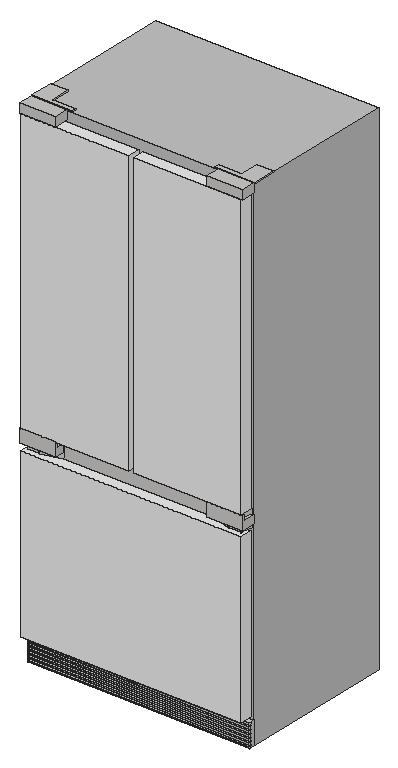
Revit family "FP_Revit_18_RS80A1_Fridge_90001174A", category Specialty Equipment, Revit 2018
Family settings
  Round Connector Dimension = Use Diameter
  Part Type = Normal
  OmniClass Number = 23.40.40.11.11.17
  OmniClass Title = Refrigerator-Freezer
  Work Plane-Based = No
  Always vertical = Yes
  Cut with Voids When Loaded = Yes
  Shared = No
  Room Calculation Point = No
Parameters
  Visibility - Visibility Control Note = yes
  Visibility - Clearance Required = yes
  URL = "www.fisherpaykel.com"
  Stainless Steel Door Panels (RD80A) = no
  Product - Width = 796 mm  # constant formula
  Product - Height = 1798 mm  # constant formula
  Product - Depth = 604 mm  # constant formula
  Model = "RS80A1"
  Material - Trim = Fisher & Paykel - Stainless Steel
  Material - Rollers and Feet = Fisher & Paykel - Black
  Material - Door Structure = Fisher & Paykel - White
  Material - Door Front = Fisher & Paykel - Stainless Steel
  Material - Connections = Fisher & Paykel - Black
  Material - Body = Fisher & Paykel - Grey
  Manufacturer = "Fisher & Paykel Appliances"
  Handle Style - Contemporary Square Fine Black (AHD5RD80AB) = no
  Handle Style - Contemporary Square Fine (AHD5RD80A) = no
  Handle Style - Contemporary Square (AHD3RS80A) = no
  Handle Style - Contemporary Round (AHSRS80A) = no
  Description = "Integrated French Door Refrigerator Freezer"
  Connector Description - Electrical = "230 V, 50 Hz, 10 A circuit"
  Chassis - Width = 790 mm  # constant formula
  Chassis - Height = 1788 mm  # constant formula
  Chassis - Depth = 561.4 mm  # constant formula
  Cavity - Width = 804 mm  # constant formula
  Cavity - Height = 1800 mm  # constant formula
  Cavity - Depth = 650 mm  # constant formula
Reference planes
  plane 1 "Center (Front/Back)": y = 0
  plane 2: z = 0
  plane 3 "Center (Left/Right)": x = 0
  plane 4 "Product LHS": x = -398
  plane 5 "Product RHS": x = 398
  plane 6 "Cavity - Depth": y = 650
  plane 7 "Cavity LHS": x = -402
  plane 8 "Cavity RHS": x = 402
  plane 9 "Prouduct - Depth": y = 622
  plane 10 "Product Height": z = 1798
  plane 11 "Cavity Height": z = 1800
  plane 12 "Datum": y = 18
Forms (mm)
  Extrusion 1, solid, material "Fisher & Paykel - Grey" <- "Material - Body"
    sketch origin (0, 0, 0) x (0, 1, 0) y (0, 0, 1)
      loop
        line (68.969, 6.6) -> (622, 6.6) -> (622, 1794.6) -> (68.969, 1794.6) -> (68.969, 6.6)
    from -395 to 395
  Extrusion 2, solid, material "Fisher & Paykel - Clearance Required", visible <- "Visibility - Clearance Required", detail levels coarse
    sketch origin (0, -100, 0) x (1, 0, 0) y (0, 1, 0)
      loop
        line (-394.179, 104.678) -> (-526.6, -188.411) -> (-562.852, -172.032) -> (-569.457, -186.651) -> (-533.205, -203.03) -> (-555.656, -252.723)
        arc (-555.656, -252.723) -> (-181.481, -224.821) -> (-1.993, 104.678) r 392.186
        line (-1.993, 104.678) -> (-394.179, 104.678)
      loop
        line (394.179, 104.678) -> (1.993, 104.678)
        arc (1.993, 104.678) -> (181.481, -224.821) -> (555.656, -252.723) r 392.186
        line (555.656, -252.723) -> (533.205, -203.03) -> (569.457, -186.651) -> (562.852, -172.032) -> (526.6, -188.411) -> (394.179, 104.678)
    from 700.43 to 1800
  Extrusion 3, solid, material "Fisher & Paykel - Black" <- "Material - Rollers and Feet"
    sketch origin (0, 0, -4) x (0, 1, 0) y (0, 0, 1)
      loop
        arc (120.09, 10.6) -> (136.133, 4) -> (152.177, 10.6) r 22.8
        line (152.177, 10.6) -> (120.09, 10.6)
      loop
        arc (555.39, 10.6) -> (571.433, 4) -> (587.477, 10.6) r 22.8
        line (587.477, 10.6) -> (555.39, 10.6)
    from 352 to 379
  Extrusion 4, solid, material "Fisher & Paykel - Clearance Required", visible <- "Visibility - Clearance Required", detail levels coarse
    sketch origin (0, 0, 0) x (0, 1, 0) y (0, 0, 1)
      loop
        line (-0.043, 695.956) -> (-359.921, 695.956) -> (-359.921, 631.801) -> (-401.921, 631.801) -> (-401.921, 615.801) -> (-359.921, 615.801) -> (-359.921, 100.03) -> (-0.043, 100.03) -> (-0.043, 695.956)
    from -402 to 402
  Extrusion 5, solid, material "Fisher & Paykel - White" <- "Material - Door Structure"
    sketch origin (0, 0, 0) x (1, 0, 0) y (0, 0, 1)
      loop
        line (-7.74, 1764.691) -> (-390.5, 1764.691) -> (-390.5, 763.6) -> (-7.74, 763.6) -> (-7.74, 1764.691)
      loop
        line (7.74, 1764.691) -> (7.74, 763.6) -> (390.5, 763.6) -> (390.5, 1764.691) -> (7.74, 1764.691)
      loop
        line (-390.5, 693.1) -> (-390.5, 101.1) -> (390.5, 101.1) -> (390.5, 693.1) -> (-390.5, 693.1)
    from -60.6 to -18
  Extrusion 6, solid, material "Fisher & Paykel - White" <- "Material - Door Structure"
    sketch origin (0, 0, 0) x (1, 0, 0) y (0, 0, 1)
      loop
        line (-379.6, 685.2) -> (-379.6, 109) -> (379.6, 109) -> (379.6, 685.2) -> (-379.6, 685.2)
      loop
        line (-13.88, 776) -> (-13.88, 1749.791) -> (-379.58, 1749.791) -> (-379.58, 776) -> (-13.88, 776)
      loop
        line (13.88, 776) -> (379.58, 776) -> (379.58, 1749.791) -> (13.88, 1749.791) -> (13.88, 776)
    from -68.969 to -60.631
  Extrusion 7, solid, material "Fisher & Paykel - Stainless Steel" <- "Material - Trim"
    sketch origin (0, -2, 0) x (1, 0, 0) y (0, 1, 0)
      loop
        line (-386.5, 70.89) -> (-379.782, 36.328)
        arc (-379.782, 36.328) -> (-378.745, 34.585) -> (-376.837, 33.9) r 3
        line (-376.837, 33.9) -> (-338.733, 33.9)
        arc (-338.733, 33.9) -> (-336.738, 34.034) -> (-334.779, 34.431) r 15
        line (-334.779, 34.431) -> (-265.032, 53.491) -> (265.032, 53.491) -> (334.779, 34.431)
        arc (334.779, 34.431) -> (336.738, 34.034) -> (338.733, 33.9) r 15
        line (338.733, 33.9) -> (376.837, 33.9)
        arc (376.837, 33.9) -> (378.745, 34.585) -> (379.782, 36.328) r 3
        line (379.782, 36.328) -> (386.5, 70.89) -> (-386.5, 70.89)
    from 696.967 to 759.03
  Extrusion 8, solid, material "Fisher & Paykel - Stainless Steel" <- "Material - Trim"
    sketch origin (0, -2, 0) x (0, 1, 0) y (0, 0, 1)
      loop
        line (20, 762.6) -> (20, 715.3) -> (70.89, 715.3) -> (70.89, 743.6) -> (25, 743.6) -> (25, 762.6) -> (20, 762.6)
    from 269 to 395
  Extrusion 9, solid, material "Fisher & Paykel - Stainless Steel" <- "Material - Trim"
    sketch origin (0, -2, 0) x (0, 1, 0) y (0, 0, -1)
      loop
        line (20, -762.6) -> (25, -762.6) -> (25, -743.6) -> (70.89, -743.6) -> (70.89, -715.3) -> (20, -715.3) -> (20, -762.6)
    from 269 to 395
  Extrusion 10, solid, material "Fisher & Paykel - Stainless Steel" <- "Material - Trim"
    sketch origin (0, 0, 0) x (1, 0, 0) y (0, 1, 0)
      loop
        line (-269, 18) -> (-269, 68.89) -> (-395, 68.89) -> (-395, 18) -> (-269, 18)
      loop
        line (395, 18) -> (395, 68.89) -> (269, 68.89) -> (269, 18) -> (395, 18)
    from 1765.6 to 1797.6
  Extrusion 11, solid, material "Fisher & Paykel - Stainless Steel" <- "Material - Trim", detail levels fine
    sketch origin (0, 0, 0) x (1, 0, 0) y (0, 1, 0)
      loop
        line (-395, 154.61) -> (-395, 71.11) -> (-253.45, 71.11) -> (-253.45, 88.11) -> (-336, 88.11) -> (-336, 154.61) -> (-395, 154.61)
      loop
        line (395, 154.61) -> (336, 154.61) -> (336, 88.11) -> (253.45, 88.11) -> (253.45, 71.11) -> (395, 71.11) -> (395, 154.61)
    from 1794.6 to 1798
  Extrusion 12, solid, material "Fisher & Paykel - Black" <- "Material - Rollers and Feet", detail levels fine
    sketch origin (0, 0, -4) x (0, 1, 0) y (0, 0, -1)
      loop
        line (120.09, -10.6) -> (152.177, -10.6)
        arc (152.177, -10.6) -> (136.133, -4) -> (120.09, -10.6) r 22.8
      loop
        line (555.39, -10.6) -> (587.477, -10.6)
        arc (587.477, -10.6) -> (571.433, -4) -> (555.39, -10.6) r 22.8
    from 352 to 379
  Extrusion 13, solid, material "Fisher & Paykel - Stainless Steel" <- "Material - Trim", detail levels fine
    sketch origin (0, -2, 0) x (0, 1, 0) y (0, 0, 1)
      loop
        line (24.91, 101.1) -> (24.91, 94.1) -> (50.15, 94.1) -> (50.15, 101.1) -> (24.91, 101.1)
    from -20.67 to 20.7
  Extrusion 14, solid, material "Fisher & Paykel - Stainless Steel" <- "Material - Trim", detail levels fine
    sketch origin (0, -2, 0) x (0, 1, 0) y (0, 0, 1)
      loop
        line (70.89, 90.613) -> (53.491, 85.951) -> (53.491, 81.639) -> (61.43, 81.639) -> (61.43, 75.465) -> (53.491, 73.338) -> (53.491, 69.031) -> (61.43, 69.031) -> (61.43, 62.857) -> (53.491, 60.73) -> (53.491, 56.423) -> (61.43, 56.423) -> (61.43, 50.254) -> (53.491, 48.127) -> (53.491, 43.821) -> (61.43, 43.821) -> (61.43, 37.652) -> (53.491, 35.525) -> (53.491, 31.218) -> (61.43, 31.218) -> (61.43, 25.049) -> (53.491, 22.922) -> (53.491, 18.585) -> (61.43, 18.585) -> (61.43, 12.447) -> (53.491, 10.32) -> (53.491, 6.6) -> (70.89, 6.6) -> (70.89, 90.613)
    from -395 to 395
  Extrusion 15, solid, material "Fisher & Paykel - Stainless Steel" <- "Material - Trim", detail levels coarse+medium
    sketch origin (0, -2, 0) x (0, 1, 0) y (0, 0, 1)
      loop
        line (70.89, 90.613) -> (53.491, 85.951) -> (53.491, 6.6) -> (70.89, 6.6) -> (70.89, 90.613)
    from -395 to 395
  Extrusion 16, void
    sketch origin (0, -2000, 0) x (1, 0, 0) y (0, 1, 0)
      loop
        line (-336, 2622) -> (-336, 2068.89) -> (336, 2068.89) -> (336, 2622) -> (-336, 2622)
    from 6.6 to 56.423
  Extrusion 17, solid, material "Fisher & Paykel - Stainless Steel" <- "Material - Door Front", visible <- "Stainless Steel Door Panels (RD80A)"
    sketch origin (0, 0, 0) x (1, 0, 0) y (0, 0, 1)
      loop
        line (-398, 696.43) -> (-398, 100.03) -> (398, 100.03) -> (398, 696.43) -> (-398, 696.43)
      loop
        line (-398, 700.43) -> (-2, 700.43) -> (-2, 1796.521) -> (-398, 1796.521) -> (-398, 700.43)
      loop
        line (2, 1796.521) -> (2, 700.43) -> (398, 700.43) -> (398, 1796.521) -> (2, 1796.521)
    from -18 to 0.043
  Extrusion 18, void
    sketch origin (0, -2, 0) x (1, 0, 0) y (0, 1, 0)
      loop
        arc (395, 57.948) -> (393.695, 54.796) -> (390.543, 53.491) r 4.457
        line (390.543, 53.491) -> (395, 53.491) -> (395, 57.948)
      loop
        line (-395, 57.948) -> (-395, 53.491) -> (-390.543, 53.491)
        arc (-390.543, 53.491) -> (-393.695, 54.796) -> (-395, 57.948) r 4.457
    from 6.6 to 100.03
  Extrusion 19, solid, material "Fisher & Paykel - Clearance Required", visible <- "Visibility - Clearance Required", detail levels coarse
    sketch origin (0, 0, 0) x (1, 0, 0) y (0, 1, 0)
      loop
        line (-402, 650) -> (-402, 0) -> (402, 0) -> (402, 650) -> (-402, 650)
    from 0 to 1800
  Extrusion 20, void
    sketch origin (0, 0, 0) x (1, 0, 0) y (0, 0, 1)
      loop
        line (253, 70) -> (253, 200) -> (-22, 200) -> (-22, 70) -> (253, 70)
      loop
        circle (203, 135) r 3
      loop
        circle (28, 135) r 3
    from -622 to -619.953
  Extrusion 21, void
    sketch origin (0, 0, 0) x (1, 0, 0) y (0, 1, 0)
      loop
        line (-402, 650) -> (-402, 0) -> (402, 0) -> (402, 650) -> (-402, 650)
    from 0 to 1800
Cuts and joins
  Extrusion 16, Extrusion 20 cuts Extrusion 1
  Extrusion 18 cuts Extrusion 14
  Extrusion 18 cuts Extrusion 15
  joined: Extrusion 7, Extrusion 8, Extrusion 9
Lines and regions (mm)
  model lines, style "Fisher & Paykel"
    curve 1: line (-398, 18, 1796.521) -> (-2, 18, 1796.521)
    curve 2: line (-398, 18, 700.43) -> (-398, 18, 1796.521)
    curve 3: line (-2, 18, 700.43) -> (-398, 18, 700.43)
    curve 4: line (-2, 18, 1796.521) -> (-2, 18, 700.43)
    curve 5: line (2, 18, 700.43) -> (398, 18, 700.43)
    curve 6: line (2, 18, 1796.521) -> (2, 18, 700.43)
    curve 7: line (398, 18, 1796.521) -> (2, 18, 1796.521)
    curve 8: line (398, 18, 700.43) -> (398, 18, 1796.521)
    curve 9: line (-398, 18, 696.43) -> (398, 18, 696.43)
    curve 10: line (-398, 18, 100.03) -> (-398, 18, 696.43)
    curve 11: line (398, 18, 100.03) -> (-398, 18, 100.03)
    curve 12: line (398, 18, 696.43) -> (398, 18, 100.03)
Text (mm)
  text "Due to ongoing product development, product details are subject to change without notice. \nPlease always refer to www.fisherpaykel.com for the most current product information. \n© Fisher & Paykel 2020" at (41.04, -521.517, 0), in view "Ref. Level (Plan)"
Dimensions and locks
  equal spacing: plane 4 "Product LHS", plane 3 "Center (Left/Right)", plane 5 "Product RHS"
  "Product - Width": plane 4 "Product LHS" to plane 5 "Product RHS"
  "Cavity - Depth": plane 1 "Center (Front/Back)" to plane 6 "Cavity - Depth"
  equal spacing: plane 7 "Cavity LHS", plane 3 "Center (Left/Right)", plane 8 "Cavity RHS"
  "Cavity - Width": plane 7 "Cavity LHS" to plane 8 "Cavity RHS"
  "Product - Height": level to plane 10 "Product Height"
  "Cavity - Height": plane 11 "Cavity Height" to level
  "Chassis - Height": Extrusion 1 to Extrusion 1
  Extrusion 13 to Extrusion 15 = 94.5 mm
  locked: Extrusion 20 to cut or joined group of Extrusion 1, Extrusion 16, Extrusion 20 at 2.047
  locked: plane 1 "Center (Front/Back)" to plane 12 "Datum" at 18
  "Product - Depth": plane 9 "Prouduct - Depth" to plane 12 "Datum"
  equal spacing: cut or joined group of Extrusion 1, Extrusion 16, Extrusion 20, plane 3 "Center (Left/Right)", cut or joined group of Extrusion 1, Extrusion 16, Extrusion 20  (x2)
  "Chassis - Width": cut or joined group of Extrusion 1, Extrusion 16, Extrusion 20 to cut or joined group of Extrusion 1, Extrusion 16, Extrusion 20
  aligned and locked: level to plane 2
  aligned and locked: Extrusion 18 to Extrusion 3
  aligned and locked: cut or joined group of Extrusion 1, Extrusion 16, Extrusion 20 to Extrusion 20
  aligned and locked: Extrusion 19 to level
  aligned and locked: plane 9 "Prouduct - Depth" to Extrusion 1
Automatic sketch dimensions
  plane 1 "Center (Front/Back)" to Extrusion 19 sketch curve = 0 mm
  Extrusion 19 sketch curve to plane 7 "Cavity LHS" = 0 mm
  Extrusion 19 sketch curve to plane 8 "Cavity RHS" = 0 mm
  plane 6 "Cavity - Depth" to Extrusion 19 sketch curve = 0 mm
  plane 1 "Center (Front/Back)" to Extrusion 21 sketch curve = 0 mm
  Extrusion 21 sketch curve to plane 7 "Cavity LHS" = 0 mm
  Extrusion 21 sketch curve to plane 8 "Cavity RHS" = 0 mm
  plane 6 "Cavity - Depth" to Extrusion 21 sketch curve = 0 mm
  Extrusion 1 sketch curve to plane 9 "Prouduct - Depth" = 0 mm
  level to Extrusion 1 sketch curve = 6.6 mm
  Extrusion 1 sketch curve to plane 12 "Datum" = 50.969 mm
  plane 10 "Product Height" to Extrusion 1 sketch curve = 3.4 mm
  level to Extrusion 3 sketch curve = 6.6 mm  (x2)
  Extrusion 3 sketch curve to plane 12 "Datum" = 102.09 mm
  Extrusion 3 sketch curve to Extrusion 3 sketch curve = 16.044 mm  (x2)
  Extrusion 3 sketch curve to plane 9 "Prouduct - Depth" = 66.61 mm
  level to Extrusion 3 sketch curve = 22.8 mm  (x2)
  plane 1 "Center (Front/Back)" to Extrusion 4 sketch curve = 401.921 mm
  Extrusion 4 sketch curve to Extrusion 4 sketch curve = 42 mm
  level to Extrusion 4 sketch curve = 100.03 mm
  plane 1 "Center (Front/Back)" to Extrusion 4 sketch curve = 359.921 mm
  plane 1 "Center (Front/Back)" to Extrusion 4 sketch curve = 0.043 mm
  Extrusion 4 sketch curve to Extrusion 4 sketch curve = 515.771 mm
  Extrusion 4 sketch curve to Extrusion 4 sketch curve = 16 mm
  Extrusion 4 sketch curve to Extrusion 4 sketch curve = 64.155 mm
  Extrusion 5 sketch curve to plane 4 "Product LHS" = 7.5 mm  (x2)
  Extrusion 5 sketch curve to plane 3 "Center (Left/Right)" = 7.74 mm
  plane 3 "Center (Left/Right)" to Extrusion 5 sketch curve = 7.74 mm
  plane 5 "Product RHS" to Extrusion 5 sketch curve = 7.5 mm  (x2)
  level to Extrusion 5 sketch curve = 101.1 mm
  Extrusion 5 sketch curve to Extrusion 5 sketch curve = 592 mm
  Extrusion 5 sketch curve to Extrusion 5 sketch curve = 70.5 mm
  Extrusion 5 sketch curve to Extrusion 5 sketch curve = 0 mm
  plane 10 "Product Height" to Extrusion 5 sketch curve = 33.309 mm  (x2)
  Extrusion 6 sketch curve to plane 4 "Product LHS" = 18.4 mm
  Extrusion 6 sketch curve to plane 4 "Product LHS" = 18.42 mm
  Extrusion 6 sketch curve to plane 3 "Center (Left/Right)" = 13.88 mm
  plane 3 "Center (Left/Right)" to Extrusion 6 sketch curve = 13.88 mm
  plane 5 "Product RHS" to Extrusion 6 sketch curve = 18.42 mm
  plane 5 "Product RHS" to Extrusion 6 sketch curve = 18.4 mm
  level to Extrusion 6 sketch curve = 109 mm
  Extrusion 6 sketch curve to Extrusion 6 sketch curve = 576.2 mm
  Extrusion 6 sketch curve to Extrusion 6 sketch curve = 90.8 mm
  Extrusion 6 sketch curve to Extrusion 6 sketch curve = 0 mm  (x2)
  plane 10 "Product Height" to Extrusion 6 sketch curve = 48.209 mm
  Extrusion 7 sketch curve to plane 4 "Product LHS" = 11.5 mm
  Extrusion 7 sketch curve to plane 4 "Product LHS" = 18.218 mm
  Extrusion 7 sketch curve to Extrusion 7 sketch curve = 2.945 mm  (x2)
  Extrusion 7 sketch curve to plane 12 "Datum" = 13.9 mm
  Extrusion 7 sketch curve to Extrusion 7 sketch curve = 38.104 mm
  Extrusion 7 sketch curve to plane 12 "Datum" = 14.431 mm  (x2)
  Extrusion 7 sketch curve to Extrusion 7 sketch curve = 3.954 mm  (x2)
  Extrusion 7 sketch curve to plane 12 "Datum" = 33.491 mm
  Extrusion 7 sketch curve to Extrusion 7 sketch curve = 69.747 mm
  plane 5 "Product RHS" to Extrusion 7 sketch curve = 132.968 mm
  plane 5 "Product RHS" to Extrusion 7 sketch curve = 63.221 mm
  plane 5 "Product RHS" to Extrusion 7 sketch curve = 21.163 mm
  plane 5 "Product RHS" to Extrusion 7 sketch curve = 11.5 mm
  Extrusion 7 sketch curve to plane 1 "Center (Front/Back)" = 31.9 mm
  Extrusion 7 sketch curve to Extrusion 7 sketch curve = 2.428 mm  (x2)
  Extrusion 7 sketch curve to Extrusion 7 sketch curve = 34.562 mm
  Extrusion 8 sketch curve to plane 12 "Datum" = 0 mm
  Extrusion 8 sketch curve to Extrusion 8 sketch curve = 5 mm
  Extrusion 8 sketch curve to Extrusion 8 sketch curve = 50.89 mm
  level to Extrusion 8 sketch curve = 715.3 mm
  Extrusion 8 sketch curve to Extrusion 8 sketch curve = 28.3 mm
  Extrusion 8 sketch curve to Extrusion 8 sketch curve = 19 mm
  Extrusion 9 sketch curve to plane 12 "Datum" = 0 mm
  Extrusion 9 sketch curve to Extrusion 9 sketch curve = 5 mm
  Extrusion 9 sketch curve to Extrusion 9 sketch curve = 50.89 mm
  level to Extrusion 9 sketch curve = 762.6 mm
  Extrusion 9 sketch curve to Extrusion 9 sketch curve = 19 mm
  Extrusion 9 sketch curve to Extrusion 9 sketch curve = 28.3 mm
  Extrusion 10 sketch curve to plane 4 "Product LHS" = 3 mm
  plane 12 "Datum" to Extrusion 10 sketch curve = 0 mm  (x2)
  Extrusion 10 sketch curve to plane 12 "Datum" = 50.89 mm  (x2)
  Extrusion 10 sketch curve to plane 4 "Product LHS" = 129 mm
  plane 5 "Product RHS" to Extrusion 10 sketch curve = 129 mm
  plane 5 "Product RHS" to Extrusion 10 sketch curve = 3 mm
  Extrusion 11 sketch curve to plane 4 "Product LHS" = 3 mm
  plane 5 "Product RHS" to Extrusion 11 sketch curve = 3 mm
  Extrusion 11 sketch curve to plane 4 "Product LHS" = 62 mm
  Extrusion 11 sketch curve to Extrusion 11 sketch curve = 82.55 mm
  Extrusion 11 sketch curve to plane 12 "Datum" = 53.11 mm  (x2)
  plane 5 "Product RHS" to Extrusion 11 sketch curve = 144.55 mm
  plane 5 "Product RHS" to Extrusion 11 sketch curve = 62 mm
  Extrusion 11 sketch curve to Extrusion 11 sketch curve = 17 mm  (x2)
  Extrusion 11 sketch curve to Extrusion 11 sketch curve = 66.5 mm  (x2)
  level to Extrusion 12 sketch curve = 6.6 mm  (x2)
  Extrusion 12 sketch curve to plane 12 "Datum" = 102.09 mm
  Extrusion 12 sketch curve to Extrusion 12 sketch curve = 16.044 mm  (x2)
  Extrusion 12 sketch curve to plane 9 "Prouduct - Depth" = 66.61 mm
  level to Extrusion 12 sketch curve = 22.8 mm  (x2)
  Extrusion 13 sketch curve to plane 12 "Datum" = 4.91 mm
  Extrusion 13 sketch curve to Extrusion 13 sketch curve = 25.24 mm
  level to Extrusion 13 sketch curve = 94.1 mm
  Extrusion 13 sketch curve to Extrusion 13 sketch curve = 7 mm
  Extrusion 14 sketch curve to plane 12 "Datum" = 33.491 mm  (x3)
  level to Extrusion 14 sketch curve = 6.6 mm
  Extrusion 14 sketch curve to Extrusion 14 sketch curve = 0 mm  (x8)
  Extrusion 14 sketch curve to Extrusion 14 sketch curve = 7.939 mm  (x2)
  Extrusion 14 sketch curve to Extrusion 14 sketch curve = 9.46 mm
  Extrusion 14 sketch curve to Extrusion 14 sketch curve = 3.72 mm
  Extrusion 14 sketch curve to Extrusion 14 sketch curve = 2.127 mm
  Extrusion 14 sketch curve to Extrusion 14 sketch curve = 8.266 mm
  Extrusion 14 sketch curve to Extrusion 14 sketch curve = 4.337 mm
  Extrusion 14 sketch curve to Extrusion 14 sketch curve = 6.464 mm
  Extrusion 14 sketch curve to Extrusion 14 sketch curve = 6.169 mm  (x3)
  Extrusion 14 sketch curve to Extrusion 14 sketch curve = 4.306 mm  (x4)
  Extrusion 14 sketch curve to Extrusion 14 sketch curve = 6.433 mm  (x4)
  Extrusion 14 sketch curve to Extrusion 14 sketch curve = 6.175 mm  (x2)
  Extrusion 14 sketch curve to Extrusion 14 sketch curve = 4.312 mm
  Extrusion 14 sketch curve to Extrusion 14 sketch curve = 8.974 mm
  Extrusion 15 sketch curve to plane 12 "Datum" = 33.491 mm
  level to Extrusion 15 sketch curve = 6.6 mm
  Extrusion 15 sketch curve to Extrusion 15 sketch curve = 17.399 mm
  Extrusion 15 sketch curve to Extrusion 15 sketch curve = 79.351 mm
  Extrusion 15 sketch curve to Extrusion 15 sketch curve = 4.662 mm
  Extrusion 16 sketch curve to plane 9 "Prouduct - Depth" = 0 mm
  Extrusion 16 sketch curve to plane 4 "Product LHS" = 62 mm
  plane 5 "Product RHS" to Extrusion 16 sketch curve = 62 mm
  Extrusion 16 sketch curve to plane 12 "Datum" = 50.89 mm
  plane 4 "Product LHS" to Extrusion 17 sketch curve = 0 mm  (x2)
  plane 5 "Product RHS" to Extrusion 17 sketch curve = 0 mm  (x2)
  Extrusion 17 sketch curve to plane 3 "Center (Left/Right)" = 2 mm
  plane 3 "Center (Left/Right)" to Extrusion 17 sketch curve = 2 mm
  level to Extrusion 17 sketch curve = 100.03 mm
  Extrusion 17 sketch curve to Extrusion 17 sketch curve = 596.4 mm
  Extrusion 17 sketch curve to Extrusion 17 sketch curve = 4 mm
  Extrusion 17 sketch curve to Extrusion 17 sketch curve = 0 mm
  plane 10 "Product Height" to Extrusion 17 sketch curve = 1.479 mm  (x2)
  Extrusion 18 sketch curve to plane 4 "Product LHS" = 3 mm
  plane 5 "Product RHS" to Extrusion 18 sketch curve = 3 mm
  Extrusion 18 sketch curve to plane 4 "Product LHS" = 7.457 mm
  plane 5 "Product RHS" to Extrusion 18 sketch curve = 7.457 mm
  Extrusion 18 sketch curve to plane 12 "Datum" = 33.491 mm  (x2)
  plane 7 "Cavity LHS" to Extrusion 2 sketch curve = 167.457 mm
  Extrusion 2 sketch curve to Extrusion 2 sketch curve = 6.605 mm  (x4)
  Extrusion 2 sketch curve to Extrusion 2 sketch curve = 13.801 mm
  Extrusion 2 sketch curve to Extrusion 2 sketch curve = 36.252 mm  (x2)
  Extrusion 2 sketch curve to plane 4 "Product LHS" = 3.821 mm
  Extrusion 2 sketch curve to Extrusion 2 sketch curve = 0 mm  (x2)
  Extrusion 2 sketch curve to plane 3 "Center (Left/Right)" = 1.993 mm
  plane 5 "Product RHS" to Extrusion 2 sketch curve = 3.821 mm
  Extrusion 2 sketch curve to plane 8 "Cavity RHS" = 124.6 mm
  Extrusion 2 sketch curve to Extrusion 2 sketch curve = 22.452 mm
  plane 1 "Center (Front/Back)" to Extrusion 2 sketch curve = 352.723 mm  (x2)
  plane 3 "Center (Left/Right)" to Extrusion 2 sketch curve = 1.993 mm
  Extrusion 20 sketch curve to plane 3 "Center (Left/Right)" = 22 mm
  plane 3 "Center (Left/Right)" to Extrusion 20 sketch curve = 28 mm
  Extrusion 20 sketch curve to Extrusion 20 sketch curve = 175 mm
  Extrusion 20 sketch curve to Extrusion 20 sketch curve = 50 mm
  Extrusion 20 sketch curve to Extrusion 20 sketch curve = 65 mm  (x3)
  level to Extrusion 20 sketch curve = 70 mm
  plane 4 "Product LHS" to curve 1 = 0 mm
  plane 5 "Product RHS" to curve 8 = 0 mm
  plane 4 "Product LHS" to curve 9 = 0 mm
  plane 5 "Product RHS" to curve 9 = 0 mm
  plane 10 "Product Height" to curve 1 = 1.479 mm
  plane 10 "Product Height" to curve 8 = 1.479 mm
  level to curve 5 = 700.43 mm
  curve 4 to plane 3 "Center (Left/Right)" = 2 mm
  curve 4 to curve 5 = 0 mm
  curve 2 to curve 9 = 4 mm
  level to curve 11 = 100.03 mm
  plane 3 "Center (Left/Right)" to curve 7 = 2 mm
  radius of Extrusion 20 sketch curve = 3 mm  (x2)
Nested families
  nested 1: "Comment Marker 2D" at (0, -117.219, 0), visible <- "Visibility - Visibility Control Note", type "Active"
  nested 2: "F&P Handle Kit - Contemporary Round - Horizontal" at (0, -0.043, 623.802), visible <- "Handle Style - Contemporary Round (AHSRS80A)", type "AHSRS80A - Contemporary round handle (2 of 2) (Horizontal) 646mm"
  nested 3: "F&P Handle Kit - Contemporary Round - Vertical" at (-67.3, -0.043, 1128.5), visible <- "Handle Style - Contemporary Round (AHSRS80A)", type "AHSRS80A - Contemporary round handle (1 of 2) (Vertical) 727mm"
  nested 4: "F&P Handle Kit - Contemporary Square - Horizontal" at (0, -0.043, 623.802), visible <- "Handle Style - Contemporary Square (AHD3RS80A)", type "AHD3RS80A - Contemporary square handle (2 of 2) (Horizontal) 646mm"
  nested 5: "F&P Handle Kit - Contemporary Square - Vertical" at (-67.3, -0.043, 1128.5), visible <- "Handle Style - Contemporary Square (AHD3RS80A)", type "AHD3RS80A - Contemporary square handle (1 of 2) (Vertical) 727mm"
  nested 6: "F&P Handle Kit - Contemporary Square - Vertical" at (67.3, -0.043, 1128.5), visible <- "Handle Style - Contemporary Square (AHD3RS80A)", type "AHD3RS80A - Contemporary square handle (1 of 2) (Vertical) 727mm"
  nested 7: "F&P Handle Kit - Contemporary Round - Vertical" at (67.3, -0.043, 1128.5), visible <- "Handle Style - Contemporary Round (AHSRS80A)", type "AHSRS80A - Contemporary round handle (1 of 2) (Vertical) 727mm"
  nested 8: "F&P Handle Kit - Contemporary Square Fine - Horizontal" at (0, -0.043, 623.802), visible <- "Handle Style - Contemporary Square Fine (AHD5RD80A)", type "AHD5RD80A - Contemporary square fine handle (2 of 2) (Horizontal) 646mm"
  nested 9: "F&P Handle Kit - Contemporary Square Fine - Vertical" at (-67.3, -0.043, 1128.5), visible <- "Handle Style - Contemporary Square Fine (AHD5RD80A)", type "AHD5RD80A - Contemporary square fine handle (1 of 2) (Vertical) 727mm"
  nested 10: "F&P Handle Kit - Contemporary Square Fine - Vertical" at (67.3, -0.043, 1128.5), visible <- "Handle Style - Contemporary Square Fine (AHD5RD80A)", type "AHD5RD80A - Contemporary square fine handle (1 of 2) (Vertical) 727mm"
  nested 11: "F&P Handle Kit - Contemporary Square Fine - Horizontal" at (0, -0.043, 623.802), visible <- "Handle Style - Contemporary Square Fine Black (AHD5RD80AB)", type "AHD5RD80AB - Contemporary square fine black handle (2 of 2) (Horizontal) 646mm"
  nested 12: "F&P Handle Kit - Contemporary Square Fine - Vertical" at (-67.3, -0.043, 1128.5), visible <- "Handle Style - Contemporary Square Fine Black (AHD5RD80AB)", type "AHD5RD80AB - Contemporary square fine black handle (1 of 2) (Vertical) 727mm"
  nested 13: "F&P Handle Kit - Contemporary Square Fine - Vertical" at (67.3, -0.043, 1128.5), visible <- "Handle Style - Contemporary Square Fine Black (AHD5RD80AB)", type "AHD5RD80AB - Contemporary square fine black handle (1 of 2) (Vertical) 727mm"
Connectors
  electrical at (28, 622, 135), driven by "Connector Description - Electrical"
    settings: on cut or joined group of Extrusion 1, Extrusion 16, Extrusion 20, index 2, voltage 230 V, apparent load 0 VA, apparent load phase1 0 VA, apparent load phase2 0 VA, apparent load phase3 0 VA, power factor 1, load classification "Other", number of poles 1, system type 30, power factor state 1, is connector primary yes, connector utility no, sub classification motor no, connector description "230 V, 50 Hz, 10 A circuit"
Definition of nested family "F&P Handle Kit - Contemporary Round - Horizontal"
  Parameters (values of type "25374 AHS-ASBI-A - Contemporary round handle (2 of 2) (Horizontal) 746mm")
    URL = "www.fisherpaykel.com"
    Product - Width = 746 mm
    Model = ""
    Material - Handle = none
    Manufacturer = "Fisher & Paykel Appliances"
    Description = "Kit for RS36"
  Types (9, lengths in mm): name | Product - Width | Description
    (no name) | 746 | "Kit for RS36"
    AHSRD2484W - Contemporary round handle (2 of 2) (Horizontal) 494mm | 494 | ""
    AHSRD3084W - Contemporary round handle (2 of 2) (Horizontal) 646mm | 646 | ""
    AHSRS3272A - Contemporary round handle (2 of 2) (Horizontal) 646mm | 646 | ""
    AHSRS80A - Contemporary round handle (2 of 2) (Horizontal) 646mm | 646 | ""
    AHSRD6121W - Contemporary round handle (2 of 2) (Horizontal) 494mm | 494 | ""
    AHSRD7621W - Contemporary round handle (2 of 2) (Horizontal) 646mm | 646 | ""
    25374 AHS-ASBI-A - Contemporary round handle (2 of 2) (Horizontal) 746mm | 746 | "Kit for RS36"
    25329 AHS-ASBI-A - Contemporary round handle (2 of 2) (Horizontal) 746mm | 746 | "Kit for RS90"
  Reference planes
    plane 1 "Center (Front/Back)": y = 0
    plane 2: z = 0
    plane 3 "Center (Left/Right)": x = 0
    plane 4 "Product LHS": x = -373
    plane 5 "Product RHS": x = 373
    plane 6 "LHS Standoff": x = -252.995
    plane 7 "RHS Standoff": x = 253.005
  Forms (mm)
    Extrusion 1, solid, material <- "Material - Handle"
      sketch origin (0, 0, 0) x (0, 1, 0) y (0, 0, 1)
        loop
          circle (-32.3, 0) r 8.7
      from -252.995 to 253.005
    Extrusion 2, solid, material <- "Material - Handle", detail levels fine
      sketch origin (0, 0, 0) x (0, 1, 0) y (0, 0, 1)
        loop
          line (0, 8.7) -> (-32.3, 8.7)
          arc (-32.3, 8.7) -> (-41, 0) -> (-32.3, -8.7) r 8.7
          line (-32.3, -8.7) -> (0, -8.7) -> (0, 8.7)
      from 253.005 to 373
    Extrusion 3, solid, material <- "Material - Handle", detail levels fine
      sketch origin (0, 0, 0) x (0, 1, 0) y (0, 0, -1)
        loop
          line (0, -8.7) -> (0, 8.7) -> (-32.3, 8.7)
          arc (-32.3, 8.7) -> (-41, 0) -> (-32.3, -8.7) r 8.7
          line (-32.3, -8.7) -> (0, -8.7)
      from 252.995 to 373
    Sweep 4, void
      path in 3D
        loop
          line (373, 0, 8.7) -> (373, -32.3, 8.7)
          arc (373, -32.3, 8.7) -> (373, -41, 0) -> (373, -32.3, -8.7) r 8.7
          line (373, -32.3, -8.7) -> (373, 0, -8.7)
      profile origin (373, -16.15, 8.7) x (1, 0, 0) y (0, 0, 1)
        loop
          line (0, 0) -> (-1, 0) -> (0, -1) -> (0, 0)
    Sweep 5, void
      path in 3D
        loop
          line (-373, 0, -8.7) -> (-373, -32.3, -8.7)
          arc (-373, -32.3, -8.7) -> (-373, -41, 0) -> (-373, -32.3, 8.7) r 8.7
          line (-373, -32.3, 8.7) -> (-373, 0, 8.7)
      profile origin (-373, -16.15, 8.7) x (-1, 0, 0) y (0, 0, 1)
        loop
          line (0, 0) -> (-1, 0) -> (0, -1) -> (0, 0)
    Extrusion 6, solid, material <- "Material - Handle", detail levels coarse+medium
      sketch origin (0, 0, 0) x (0, 1, 0) y (0, 0, 1)
        loop
          line (0, 8.7) -> (-32.3, 8.7)
          arc (-32.3, 8.7) -> (-41, 0) -> (-32.3, -8.7) r 8.7
          line (-32.3, -8.7) -> (0, -8.7) -> (0, 8.7)
      from 253.005 to 373
    Extrusion 7, solid, material <- "Material - Handle", detail levels coarse+medium
      sketch origin (0, 0, 0) x (0, 1, 0) y (0, 0, -1)
        loop
          line (0, -8.7) -> (0, 8.7) -> (-32.3, 8.7)
          arc (-32.3, 8.7) -> (-41, 0) -> (-32.3, -8.7) r 8.7
          line (-32.3, -8.7) -> (0, -8.7)
      from 252.995 to 373
  Cuts and joins
    Sweep 4 cuts Extrusion 2
    Sweep 5 cuts Extrusion 3
  Lines and regions (mm)
    sketch lines
      curve 1: line (373, 0, 8.7) -> (373, -32.3, 8.7)
      curve 2: arc (373, -32.3, -8.7) -> (373, -41, 0) -> (373, -32.3, 8.7) r 8.7
      curve 3: line (373, -32.3, -8.7) -> (373, 0, -8.7)
      curve 4: line (-373, -32.3, 8.7) -> (-373, 0, 8.7)
      curve 5: arc (-373, -32.3, 8.7) -> (-373, -41, 0) -> (-373, -32.3, -8.7) r 8.7
      curve 6: line (-373, 0, -8.7) -> (-373, -32.3, -8.7)
  Dimensions and locks
    equal spacing: plane 4 "Product LHS", plane 3 "Center (Left/Right)", plane 5 "Product RHS"
    "Product - Width": plane 4 "Product LHS" to plane 5 "Product RHS"
    locked: plane 4 "Product LHS" to plane 6 "LHS Standoff" at 120.005
    locked: plane 7 "RHS Standoff" to plane 5 "Product RHS" at 119.995
    equal spacing: Extrusion 2 sketch curve, level, Extrusion 2 sketch curve
    Extrusion 3 sketch curve to Extrusion 3 sketch curve = 17.4 mm
    Extrusion 6 sketch curve to Extrusion 6 sketch curve = 17.4 mm
    Extrusion 7 sketch curve to Extrusion 7 sketch curve = 17.4 mm
    aligned and locked: level to plane 2
    aligned and locked: plane 7 "RHS Standoff" to Extrusion 1
    aligned and locked: Extrusion 2 to Extrusion 1
    aligned and locked: Extrusion 2 to plane 5 "Product RHS"
    aligned and locked: plane 4 "Product LHS" to Extrusion 3
    aligned and locked: plane 6 "LHS Standoff" to Extrusion 3
    aligned and locked: Extrusion 1 to plane 6 "LHS Standoff"
    aligned and locked: Extrusion 6 to Extrusion 1
    aligned and locked: Extrusion 6 to plane 5 "Product RHS"
    aligned and locked: plane 4 "Product LHS" to Extrusion 7
    aligned and locked: Extrusion 7 to Extrusion 1
  Automatic sketch dimensions
    Extrusion 1 sketch curve to level = 0 mm
    plane 1 "Center (Front/Back)" to Extrusion 1 sketch curve = 32.3 mm
    Extrusion 2 sketch curve to plane 1 "Center (Front/Back)" = 0 mm
    Extrusion 2 sketch curve to level = 8.7 mm
    plane 1 "Center (Front/Back)" to Extrusion 2 sketch curve = 32.3 mm
    Extrusion 3 sketch curve to level = 0 mm
    Extrusion 3 sketch curve to plane 1 "Center (Front/Back)" = 0 mm
    Extrusion 3 sketch curve to level = 8.7 mm
    plane 1 "Center (Front/Back)" to Extrusion 3 sketch curve = 32.3 mm
    Sweep 4 sketch curve to profile plane = 0 mm
    profile plane to Sweep 4 sketch curve = 0 mm
    profile plane to Sweep 4 sketch curve = 1 mm
    Sweep 4 sketch curve to profile plane = 1 mm
    Sweep 5 sketch curve to profile plane = 0 mm  (x2)
    profile plane to Sweep 5 sketch curve = 1 mm
    Sweep 5 sketch curve to profile plane = 1 mm
    Extrusion 6 sketch curve to level = 0 mm
    level to Extrusion 6 sketch curve = 8.7 mm
    plane 1 "Center (Front/Back)" to Extrusion 6 sketch curve = 32.3 mm
    Extrusion 6 sketch curve to Extrusion 6 sketch curve = 32.3 mm
    Extrusion 7 sketch curve to level = 0 mm
    level to Extrusion 7 sketch curve = 8.7 mm
    plane 1 "Center (Front/Back)" to Extrusion 7 sketch curve = 32.3 mm
    Extrusion 7 sketch curve to Extrusion 7 sketch curve = 32.3 mm
    radius of Extrusion 1 sketch curve = 8.7 mm
Definition of nested family "F&P Handle Kit - Contemporary Round - Vertical"
  Parameters (values of type "25374 AHS-ASBI-A - Contemporary round handle (1 of 2) (Vertical) 727mm")
    URL = "www.fisherpaykel.com"
    Material - Handle = none
    Manufacturer = "Fisher & Paykel Appliances"
    Handle - Length = 727 mm
    Description = "Kit for RS36"
  Types (10, lengths in mm): name | Handle - Length | Description
    AHS-RD21 - Contemporary round handle (Vertical) 852mm | 852 | ""
    AHSRD2484W - Contemporary round handle (1 of 2) (Vertical) 727mm | 727 | ""
    AHSRD3084W - Contemporary round handle (1 of 2) (Vertical) 727mm | 727 | ""
    AHS-RD84 - Contemporary round handle (Vertical) 852mm | 852 | ""
    AHSRS3272A - Contemporary round handle (1 of 2) (Vertical) 727mm | 727 | ""
    AHSRS80A - Contemporary round handle (1 of 2) (Vertical) 727mm | 727 | ""
    AHSRD6121W - Contemporary round handle (1 of 2) (Vertical) 727mm | 727 | ""
    AHSRD7621W - Contemporary round handle (1 of 2) (Vertical) 727mm | 727 | ""
    25329 AHS-ASBI-A - Contemporary round handle (1 of 2) (Vertical) 727mm | 727 | "Kit for RS90"
    25374 AHS-ASBI-A - Contemporary round handle (1 of 2) (Vertical) 727mm | 727 | "Kit for RS36"
  Reference planes
    plane 1 "Center (Front/Back)": y = 0
    plane 2: z = 0
    plane 3 "Center (Left/Right)": x = 0
    plane 4 "Top": z = 363.5
    plane 5 "Bottom": z = -363.5
    plane 6 "Top Standoff": z = 243.5
    plane 7 "Bottom Standoff": z = -243.5
  Forms (mm)
    Extrusion 1, solid, material <- "Material - Handle"
      sketch origin (0, 0, 0) x (1, 0, 0) y (0, 1, 0)
        loop
          circle (0, -32.3) r 8.7
      from -243.5 to 243.5
    Extrusion 2, solid, material <- "Material - Handle", detail levels fine
      sketch origin (0, 0, 0) x (1, 0, 0) y (0, 1, 0)
        loop
          line (-8.7, 0) -> (-8.7, -32.3)
          arc (-8.7, -32.3) -> (0, -41) -> (8.7, -32.3) r 8.7
          line (8.7, -32.3) -> (8.7, 0) -> (-8.7, 0)
      from 243.5 to 363.5
    Extrusion 3, solid, material <- "Material - Handle", detail levels fine
      sketch origin (0, 0, 0) x (1, 0, 0) y (0, 1, 0)
        loop
          line (-8.7, 0) -> (-8.7, -32.3)
          arc (-8.7, -32.3) -> (0, -41) -> (8.7, -32.3) r 8.7
          line (8.7, -32.3) -> (8.7, 0) -> (-8.7, 0)
      from -363.5 to -243.5
    Sweep 4, void
      path in 3D
        loop
          line (8.7, 0, -363.5) -> (8.7, -32.3, -363.5)
          arc (8.7, -32.3, -363.5) -> (0, -41, -363.5) -> (-8.7, -32.3, -363.5) r 8.7
          line (-8.7, -32.3, -363.5) -> (-8.7, 0, -363.5)
      profile origin (8.7, -16.15, -363.5) x (-1, 0, 0) y (0, 0, -1)
        loop
          line (0, 0) -> (0, -1) -> (1, 0) -> (0, 0)
    Sweep 5, void
      path in 3D
        loop
          line (-8.7, 0, 363.5) -> (-8.7, -32.3, 363.5)
          arc (-8.7, -32.3, 363.5) -> (0, -41, 363.5) -> (8.7, -32.3, 363.5) r 8.7
          line (8.7, -32.3, 363.5) -> (8.7, 0, 363.5)
      profile origin (8.7, -16.15, 363.5) x (-1, 0, 0) y (0, 0, 1)
        loop
          line (0, 0) -> (0, -1) -> (1, 0) -> (0, 0)
    Extrusion 6, solid, material <- "Material - Handle", detail levels coarse+medium
      sketch origin (0, 0, 0) x (1, 0, 0) y (0, 1, 0)
        loop
          line (-8.7, 0) -> (-8.7, -32.3)
          arc (-8.7, -32.3) -> (0, -41) -> (8.7, -32.3) r 8.7
          line (8.7, -32.3) -> (8.7, 0) -> (-8.7, 0)
      from 243.5 to 363.5
    Extrusion 7, solid, material <- "Material - Handle", detail levels coarse+medium
      sketch origin (0, 0, 0) x (1, 0, 0) y (0, 1, 0)
        loop
          line (-8.7, 0) -> (-8.7, -32.3)
          arc (-8.7, -32.3) -> (0, -41) -> (8.7, -32.3) r 8.7
          line (8.7, -32.3) -> (8.7, 0) -> (-8.7, 0)
      from -363.5 to -243.5
  Cuts and joins
    Sweep 4 cuts Extrusion 3
    Sweep 5 cuts Extrusion 2
  Lines and regions (mm)
    sketch lines
      curve 1: line (8.7, 0, -363.5) -> (8.7, -32.3, -363.5)
      curve 2: arc (-8.7, -32.3, -363.5) -> (0, -41, -363.5) -> (8.7, -32.3, -363.5) r 8.7
      curve 3: line (-8.7, -32.3, -363.5) -> (-8.7, 0, -363.5)
      curve 4: line (8.7, -32.3, 363.5) -> (8.7, 0, 363.5)
      curve 5: arc (8.7, -32.3, 363.5) -> (0, -41, 363.5) -> (-8.7, -32.3, 363.5) r 8.7
      curve 6: line (-8.7, 0, 363.5) -> (-8.7, -32.3, 363.5)
  Dimensions and locks
    equal spacing: plane 4 "Top", level, plane 5 "Bottom"
    "Handle - Length": plane 4 "Top" to plane 5 "Bottom"
    locked: plane 4 "Top" to plane 6 "Top Standoff" at 120
    locked: plane 7 "Bottom Standoff" to plane 5 "Bottom" at 120
    Extrusion 2 sketch curve to Extrusion 2 sketch curve = 17.4 mm
    Extrusion 3 sketch curve to Extrusion 3 sketch curve = 17.4 mm
    Extrusion 6 sketch curve to Extrusion 6 sketch curve = 17.4 mm
    Extrusion 7 sketch curve to Extrusion 7 sketch curve = 17.4 mm
    aligned and locked: level to plane 2
    aligned and locked: plane 4 "Top" to Extrusion 2
    aligned and locked: Extrusion 3 to plane 5 "Bottom"
    aligned and locked: plane 7 "Bottom Standoff" to Extrusion 3
    aligned and locked: Extrusion 1 to plane 7 "Bottom Standoff"
    aligned and locked: plane 6 "Top Standoff" to Extrusion 1
    aligned and locked: Extrusion 2 to Extrusion 1
    aligned and locked: Extrusion 6 to Extrusion 1
    aligned and locked: plane 4 "Top" to Extrusion 6
    aligned and locked: Extrusion 7 to Extrusion 1
    aligned and locked: Extrusion 7 to plane 5 "Bottom"
  Automatic sketch dimensions
    Extrusion 1 sketch curve to plane 3 "Center (Left/Right)" = 0 mm
    plane 1 "Center (Front/Back)" to Extrusion 1 sketch curve = 32.3 mm
    plane 1 "Center (Front/Back)" to Extrusion 2 sketch curve = 0 mm
    Extrusion 2 sketch curve to plane 3 "Center (Left/Right)" = 0 mm
    Extrusion 2 sketch curve to plane 3 "Center (Left/Right)" = 8.7 mm
    plane 1 "Center (Front/Back)" to Extrusion 2 sketch curve = 32.3 mm
    plane 1 "Center (Front/Back)" to Extrusion 3 sketch curve = 0 mm
    Extrusion 3 sketch curve to plane 3 "Center (Left/Right)" = 0 mm
    Extrusion 3 sketch curve to plane 3 "Center (Left/Right)" = 8.7 mm
    plane 1 "Center (Front/Back)" to Extrusion 3 sketch curve = 32.3 mm
    Sweep 4 sketch curve to profile plane = 0 mm  (x2)
    Sweep 4 sketch curve to profile plane = 1 mm  (x2)
    Sweep 5 sketch curve to profile plane = 0 mm  (x2)
    Sweep 5 sketch curve to profile plane = 1 mm  (x2)
    Extrusion 6 sketch curve to plane 3 "Center (Left/Right)" = 0 mm
    Extrusion 6 sketch curve to plane 3 "Center (Left/Right)" = 8.7 mm
    plane 1 "Center (Front/Back)" to Extrusion 6 sketch curve = 32.3 mm
    Extrusion 6 sketch curve to Extrusion 6 sketch curve = 32.3 mm
    Extrusion 7 sketch curve to plane 3 "Center (Left/Right)" = 0 mm
    Extrusion 7 sketch curve to plane 3 "Center (Left/Right)" = 8.7 mm
    plane 1 "Center (Front/Back)" to Extrusion 7 sketch curve = 32.3 mm
    Extrusion 7 sketch curve to Extrusion 7 sketch curve = 32.3 mm
    radius of Extrusion 1 sketch curve = 8.7 mm
Definition of nested family "F&P Handle Kit - Contemporary Square - Horizontal"
  Parameters (values of type "RS90A - Contemporary square handle (2 of 2) (Horizontal) 746mm")
    URL = "www.fisherpaykel.com"
    Material - Handle = none
    Manufacturer = "Fisher & Paykel Appliances"
    Handle - Length = 746 mm
  Types (9, lengths in mm): name | Handle - Length
    (no name) | 746
    AHD3RD2484W - Contemporary square handle (2 of 2) (Horizontal) 494mm | 494
    AHD3RD3084W - Contemporary square handle (2 of 2) (Horizontal) 646mm | 646
    AHD3RS3272A - Contemporary square handle (2 of 2) (Horizontal) 646mm | 646
    AHD3RS80A - Contemporary square handle (2 of 2) (Horizontal) 646mm | 646
    AHD3RD6121W - Contemporary square handle (2 of 2) (Horizontal) 494mm | 494
    AHD3RD7621W - Contemporary square handle (2 of 2) (Horizontal) 646mm | 646
    RS36A - Contemporary square handle (2 of 2) (Horizontal) 746mm | 746
    RS90A - Contemporary square handle (2 of 2) (Horizontal) 746mm | 746
  Reference planes
    plane 1 "Center (Front/Back)": y = 0
    plane 2: z = 0
    plane 3 "Center (Left/Right)": x = 0
    plane 4 "Product LHS": x = -373
    plane 5 "Product RHS": x = 373
    plane 6 "LHS Standoff": x = -252.995
    plane 7 "RHS Standoff": x = 253.005
  Forms (mm)
    Extrusion 1, solid, material <- "Material - Handle", detail levels fine
      sketch origin (0, 0, 0) x (0, 1, 0) y (0, 0, 1)
        loop
          arc (-28.701, 7.561) -> (-29.057, 7.868) -> (-29.514, 7.978) r 1
          line (-29.514, 7.978) -> (-40.5, 7.978)
          arc (-40.5, 7.978) -> (-41.561, 7.539) -> (-42, 6.478) r 1.5
          line (-42, 6.478) -> (-42, -6.522)
          arc (-42, -6.522) -> (-41.561, -7.583) -> (-40.5, -8.022) r 1.5
          line (-40.5, -8.022) -> (-29.487, -8.022)
          arc (-29.487, -8.022) -> (-29.029, -7.911) -> (-28.673, -7.602) r 1
          arc (-28.673, -7.602) -> (-26.256, -0.016) -> (-28.701, 7.561) r 13.038
      from -373 to 373
    Extrusion 2, solid, material <- "Material - Handle", detail levels fine
      sketch origin (0, 0, 0) x (0, 1, 0) y (0, 0, 1)
        loop
          arc (-28.23, 7.062) -> (-26.156, 0.008) -> (-28.198, -7.056) r 13.136
          arc (-28.198, -7.056) -> (-28.21, -7.463) -> (-27.86, -7.67) r 0.4
          line (-27.86, -7.67) -> (0, -7.67) -> (0, 7.678) -> (-27.893, 7.678)
          arc (-27.893, 7.678) -> (-28.244, 7.47) -> (-28.23, 7.062) r 0.4
      from 253.005 to 373
    Extrusion 3, solid, material <- "Material - Handle", detail levels fine
      sketch origin (0, 0, 0) x (0, 1, 0) y (0, 0, -1)
        loop
          arc (-28.23, -7.062) -> (-28.244, -7.47) -> (-27.893, -7.678) r 0.4
          line (-27.893, -7.678) -> (0, -7.678) -> (0, 7.67) -> (-27.86, 7.67)
          arc (-27.86, 7.67) -> (-28.21, 7.463) -> (-28.198, 7.056) r 0.4
          arc (-28.198, 7.056) -> (-26.156, -0.008) -> (-28.23, -7.062) r 13.136
      from 252.995 to 373
    Sweep 4, void
      path in 3D
        loop
          line (373, -29.514, 7.978) -> (373, -40.5, 7.978)
          arc (373, -40.5, 7.978) -> (373, -41.561, 7.539) -> (373, -42, 6.478) r 1.5
          line (373, -42, 6.478) -> (373, -42, -6.522)
          arc (373, -42, -6.522) -> (373, -41.561, -7.583) -> (373, -40.5, -8.022) r 1.5
          line (373, -40.5, -8.022) -> (373, -29.487, -8.022)
      profile origin (373, -35.007, 7.978) x (1, 0, 0) y (0, 0, 1)
        loop
          line (0, 0) -> (-1.3, 0) -> (0, -1.3) -> (0, 0)
    Sweep 5, void
      path in 3D
        loop
          line (-373, -29.487, -8.022) -> (-373, -40.5, -8.022)
          arc (-373, -40.5, -8.022) -> (-373, -41.561, -7.583) -> (-373, -42, -6.522) r 1.5
          line (-373, -42, -6.522) -> (-373, -42, 6.478)
          arc (-373, -42, 6.478) -> (-373, -41.561, 7.539) -> (-373, -40.5, 7.978) r 1.5
          line (-373, -40.5, 7.978) -> (-373, -29.514, 7.978)
      profile origin (-373, -35.007, 7.978) x (-1, 0, 0) y (0, 0, 1)
        loop
          line (0, 0) -> (-1.3, 0) -> (0, -1.3) -> (0, 0)
    Extrusion 6, void
      sketch origin (0, 0, 0) x (1, 0, 0) y (0, 0, 1)
        loop
          line (373, 7.978) -> (371.7, 7.978) -> (373, 6.678) -> (373, 7.978)
        loop
          line (373, -8.022) -> (373, -6.722) -> (371.7, -8.022) -> (373, -8.022)
      from 0 to 40
    Extrusion 7, void
      sketch origin (0, 0, 0) x (1, 0, 0) y (0, 0, 1)
        loop
          line (-373, 7.978) -> (-373, 6.678) -> (-371.7, 7.978) -> (-373, 7.978)
        loop
          line (-373, -8.022) -> (-371.7, -8.022) -> (-373, -6.722) -> (-373, -8.022)
      from 0 to 40
    Extrusion 8, solid, material <- "Material - Handle", detail levels coarse+medium
      sketch origin (0, 0, 0) x (1, 0, 0) y (0, 1, 0)
        loop
          line (-373, -42) -> (373, -42) -> (373, 0) -> (253.005, 0) -> (253.005, -26.156) -> (-252.995, -26.156) -> (-252.995, 0) -> (-373, 0) -> (-373, -42)
      from -8.022 to 7.978
  Cuts and joins
    Sweep 4, Sweep 5, Extrusion 6, Extrusion 7 cuts Extrusion 1
    Extrusion 6 cuts Extrusion 2
    Extrusion 7 cuts Extrusion 3
  Lines and regions (mm)
    sketch lines
      curve 1: line (373, -29.514, 7.978) -> (373, -40.5, 7.978)
      curve 2: arc (373, -42, 6.478) -> (373, -41.561, 7.539) -> (373, -40.5, 7.978) r 1.5
      curve 3: line (373, -42, 6.478) -> (373, -42, -6.522)
      curve 4: arc (373, -40.5, -8.022) -> (373, -41.561, -7.583) -> (373, -42, -6.522) r 1.5
      curve 5: line (373, -40.5, -8.022) -> (373, -29.487, -8.022)
      curve 6: line (-373, -40.5, 7.978) -> (-373, -29.514, 7.978)
      curve 7: arc (-373, -40.5, 7.978) -> (-373, -41.561, 7.539) -> (-373, -42, 6.478) r 1.5
      curve 8: line (-373, -42, -6.522) -> (-373, -42, 6.478)
      curve 9: arc (-373, -42, -6.522) -> (-373, -41.561, -7.583) -> (-373, -40.5, -8.022) r 1.5
      curve 10: line (-373, -29.487, -8.022) -> (-373, -40.5, -8.022)
  Dimensions and locks
    equal spacing: plane 4 "Product LHS", plane 3 "Center (Left/Right)", plane 5 "Product RHS"
    "Handle - Length": plane 4 "Product LHS" to plane 5 "Product RHS"
    locked: plane 4 "Product LHS" to plane 6 "LHS Standoff" at 120.005
    locked: plane 7 "RHS Standoff" to plane 5 "Product RHS" at 119.995
    aligned and locked: level to plane 2
    aligned and locked: Extrusion 1 to plane 5 "Product RHS"
    aligned and locked: plane 4 "Product LHS" to Extrusion 1
    aligned and locked: Extrusion 2 to plane 5 "Product RHS"
    aligned and locked: plane 4 "Product LHS" to Extrusion 3
    aligned and locked: plane 4 "Product LHS" to Extrusion 8 sketch curve
    aligned and locked: Extrusion 8 sketch curve to plane 5 "Product RHS"
    aligned and locked: Extrusion 8 sketch curve to plane 7 "RHS Standoff"
    aligned and locked: plane 6 "LHS Standoff" to Extrusion 8 sketch curve
    aligned and locked: Extrusion 2 to plane 7 "RHS Standoff"
    aligned and locked: plane 6 "LHS Standoff" to Extrusion 3
  Automatic sketch dimensions
    Extrusion 1 sketch curve to level = 6.522 mm
    plane 1 "Center (Front/Back)" to Extrusion 1 sketch curve = 42 mm
    Extrusion 1 sketch curve to Extrusion 1 sketch curve = 1.5 mm  (x2)
    Extrusion 1 sketch curve to level = 0.04 mm
    Extrusion 1 sketch curve to Extrusion 1 sketch curve = 1.206 mm
    level to Extrusion 1 sketch curve = 6.978 mm
    Extrusion 1 sketch curve to Extrusion 1 sketch curve = 10.986 mm
    Extrusion 1 sketch curve to Extrusion 1 sketch curve = 11.013 mm
    Extrusion 1 sketch curve to Extrusion 1 sketch curve = 1 mm
    level to Extrusion 1 sketch curve = 6.478 mm
    Extrusion 1 sketch curve to Extrusion 1 sketch curve = 0 mm
    Extrusion 2 sketch curve to plane 1 "Center (Front/Back)" = 0 mm
    Extrusion 2 sketch curve to level = 7.67 mm
    Extrusion 2 sketch curve to Extrusion 2 sketch curve = 27.86 mm
    level to Extrusion 2 sketch curve = 7.678 mm
    Extrusion 2 sketch curve to Extrusion 2 sketch curve = 0.033 mm
    Extrusion 2 sketch curve to level = 0.022 mm
    Extrusion 2 sketch curve to Extrusion 2 sketch curve = 11.398 mm
    Extrusion 2 sketch curve to Extrusion 2 sketch curve = 0.4 mm  (x2)
    Extrusion 2 sketch curve to Extrusion 2 sketch curve = 0 mm
    Extrusion 3 sketch curve to plane 1 "Center (Front/Back)" = 0 mm
    Extrusion 3 sketch curve to level = 7.67 mm
    Extrusion 3 sketch curve to Extrusion 3 sketch curve = 27.86 mm
    level to Extrusion 3 sketch curve = 7.678 mm
    Extrusion 3 sketch curve to Extrusion 3 sketch curve = 0.033 mm
    Extrusion 3 sketch curve to level = 0.022 mm
    Extrusion 3 sketch curve to Extrusion 3 sketch curve = 11.398 mm
    Extrusion 3 sketch curve to Extrusion 3 sketch curve = 0.4 mm  (x2)
    Extrusion 3 sketch curve to Extrusion 3 sketch curve = 0 mm
    profile plane to Sweep 4 sketch curve = 0 mm
    Sweep 4 sketch curve to profile plane = 0 mm
    Sweep 4 sketch curve to profile plane = 1.3 mm
    profile plane to Sweep 4 sketch curve = 1.3 mm
    Sweep 5 sketch curve to profile plane = 0 mm  (x2)
    profile plane to Sweep 5 sketch curve = 1.3 mm
    Sweep 5 sketch curve to profile plane = 1.3 mm
    plane 5 "Product RHS" to Extrusion 6 sketch curve = 0 mm  (x2)
    Extrusion 6 sketch curve to Extrusion 6 sketch curve = 1.3 mm  (x4)
    Extrusion 6 sketch curve to level = 6.722 mm
    level to Extrusion 6 sketch curve = 6.678 mm
    plane 4 "Product LHS" to Extrusion 7 sketch curve = 0 mm  (x2)
    Extrusion 7 sketch curve to plane 4 "Product LHS" = 1.3 mm  (x2)
    Extrusion 7 sketch curve to level = 8.022 mm
    level to Extrusion 7 sketch curve = 6.678 mm
    Extrusion 7 sketch curve to Extrusion 7 sketch curve = 1.3 mm  (x2)
    plane 1 "Center (Front/Back)" to Extrusion 8 sketch curve = 0 mm  (x2)
    Extrusion 8 sketch curve to Extrusion 8 sketch curve = 26.156 mm
    Extrusion 8 sketch curve to Extrusion 8 sketch curve = 42 mm
Definition of nested family "F&P Handle Kit - Contemporary Square - Vertical"
  Parameters (values of type "RS90A - Contemporary square handle (1 of 2) (Vertical) 727mm")
    URL = "www.fisherpaykel.com"
    Material - Handle = none
    Manufacturer = "Fisher & Paykel Appliances"
    Handle - Length = 727 mm
  Types (11, lengths in mm): name | Handle - Length
    (no name) | 727
    AHD3-RD21 - Contemporary square handle (Vertical) 852mm | 852
    AHD3RD2484W - Contemporary square handle (1 of 2) (Vertical) 727mm | 727
    AHD3RD3084W - Contemporary square handle (1 of 2) (Vertical) 727mm | 727
    AHD3-RD84 - Contemporary square handle (Vertical) 852mm | 852
    AHD3RS3272A - Contemporary square handle (1 of 2) (Vertical) 727mm | 727
    AHD3RS80A - Contemporary square handle (1 of 2) (Vertical) 727mm | 727
    AHD3RD6121W - Contemporary square handle (1 of 2) (Vertical) 727mm | 727
    AHD3RD7621W - Contemporary square handle (1 of 2) (Vertical) 727mm | 727
    RS36A - Contemporary square handle (1 of 2) (Vertical) 727mm | 727
    RS90A - Contemporary square handle (1 of 2) (Vertical) 727mm | 727
  Reference planes
    plane 1 "Center (Front/Back)": y = 0
    plane 2: z = 0
    plane 3 "Center (Left/Right)": x = 0
    plane 4 "Top": z = 363.5
    plane 5 "Bottom": z = -363.5
    plane 6 "Top Standoff": z = 243.5
    plane 7 "Bottom Standoff": z = -243.5
  Forms (mm)
    Extrusion 1, solid, material <- "Material - Handle", detail levels fine
      sketch origin (0, 0, 0) x (1, 0, 0) y (0, 1, 0)
        loop
          arc (-7.583, -28.701) -> (-7.89, -29.057) -> (-8, -29.514) r 1
          line (-8, -29.514) -> (-8, -40.5)
          arc (-8, -40.5) -> (-7.561, -41.561) -> (-6.5, -42) r 1.5
          line (-6.5, -42) -> (6.5, -42)
          arc (6.5, -42) -> (7.561, -41.561) -> (8, -40.5) r 1.5
          line (8, -40.5) -> (8, -29.487)
          arc (8, -29.487) -> (7.889, -29.029) -> (7.58, -28.673) r 1
          arc (7.58, -28.673) -> (-0.006, -26.256) -> (-7.583, -28.701) r 13.038
      from -363.5 to 363.5
    Extrusion 2, solid, material <- "Material - Handle", detail levels fine
      sketch origin (0, 0, 0) x (1, 0, 0) y (0, 1, 0)
        loop
          arc (7.058, -28.23) -> (7.466, -28.244) -> (7.674, -27.893) r 0.4
          line (7.674, -27.893) -> (7.674, 0) -> (-7.674, 0) -> (-7.674, -27.86)
          arc (-7.674, -27.86) -> (-7.467, -28.21) -> (-7.06, -28.198) r 0.4
          arc (-7.06, -28.198) -> (0.004, -26.156) -> (7.058, -28.23) r 13.136
      from 243.5 to 363.5
    Extrusion 3, solid, material <- "Material - Handle", detail levels fine
      sketch origin (0, 0, 0) x (1, 0, 0) y (0, 1, 0)
        loop
          arc (7.058, -28.23) -> (7.466, -28.244) -> (7.674, -27.893) r 0.4
          line (7.674, -27.893) -> (7.674, 0) -> (-7.674, 0) -> (-7.674, -27.86)
          arc (-7.674, -27.86) -> (-7.467, -28.21) -> (-7.06, -28.198) r 0.4
          arc (-7.06, -28.198) -> (0.004, -26.156) -> (7.058, -28.23) r 13.136
      from -363.5 to -243.5
    Sweep 4, void
      path in 3D
        loop
          line (-8, -29.514, 363.5) -> (-8, -40.5, 363.5)
          arc (-8, -40.5, 363.5) -> (-7.561, -41.561, 363.5) -> (-6.5, -42, 363.5) r 1.5
          line (-6.5, -42, 363.5) -> (6.5, -42, 363.5)
          arc (6.5, -42, 363.5) -> (7.561, -41.561, 363.5) -> (8, -40.5, 363.5) r 1.5
          line (8, -40.5, 363.5) -> (8, -29.487, 363.5)
      profile origin (8, -34.994, 363.5) x (-1, 0, 0) y (0, 0, 1)
        loop
          line (0, 0) -> (0, -1.3) -> (1.3, 0) -> (0, 0)
    Sweep 5, void
      path in 3D
        loop
          line (8, -29.487, -363.5) -> (8, -40.5, -363.5)
          arc (8, -40.5, -363.5) -> (7.561, -41.561, -363.5) -> (6.5, -42, -363.5) r 1.5
          line (6.5, -42, -363.5) -> (-6.5, -42, -363.5)
          arc (-6.5, -42, -363.5) -> (-7.561, -41.561, -363.5) -> (-8, -40.5, -363.5) r 1.5
          line (-8, -40.5, -363.5) -> (-8, -29.514, -363.5)
      profile origin (8, -34.994, -363.5) x (-1, 0, 0) y (0, 0, -1)
        loop
          line (0, 0) -> (0, -1.3) -> (1.3, 0) -> (0, 0)
    Extrusion 6, void
      sketch origin (0, 0, 0) x (1, 0, 0) y (0, 0, 1)
        loop
          line (-8, -362.2) -> (-8, -363.5) -> (-6.7, -363.5) -> (-8, -362.2)
        loop
          line (8, -362.2) -> (6.7, -363.5) -> (8, -363.5) -> (8, -362.2)
      from 0 to 40
    Extrusion 7, void
      sketch origin (0, 0, 0) x (1, 0, 0) y (0, 0, 1)
        loop
          line (-8, 363.5) -> (-8, 362.2) -> (-6.7, 363.5) -> (-8, 363.5)
        loop
          line (8, 363.5) -> (6.7, 363.5) -> (8, 362.2) -> (8, 363.5)
      from 0 to 40
    Extrusion 8, solid, material <- "Material - Handle", detail levels coarse+medium
      sketch origin (0, 0, 0) x (0, 1, 0) y (0, 0, 1)
        loop
          line (0, 363.5) -> (-42, 363.5) -> (-42, -363.5) -> (0, -363.5) -> (0, -243.5) -> (-26.245, -243.5) -> (-26.245, 243.5) -> (0, 243.5) -> (0, 363.5)
      from -8 to 8
  Cuts and joins
    Sweep 4, Sweep 5, Extrusion 6, Extrusion 7 cuts Extrusion 1
    Extrusion 6 cuts Extrusion 3
    Extrusion 7 cuts Extrusion 2
  Lines and regions (mm)
    sketch lines
      curve 1: line (8, -40.5, 363.5) -> (8, -29.487, 363.5)
      curve 2: arc (8, -40.5, 363.5) -> (7.561, -41.561, 363.5) -> (6.5, -42, 363.5) r 1.5
